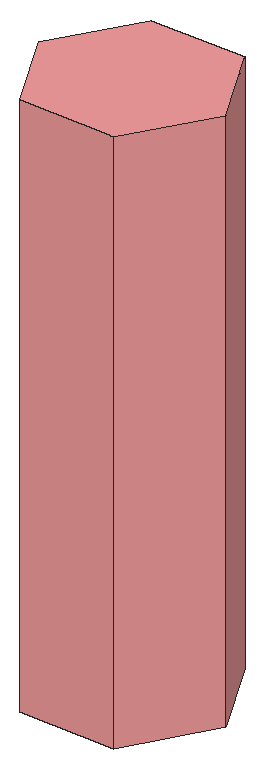
Revit family "$Player_Cat", category Generic Models, Revit 2020
Family settings
  Can host rebar = No
  Round Connector Dimension = Use Diameter
  Part Type = Normal
  Work Plane-Based = No
  Always vertical = Yes
  Cut with Voids When Loaded = No
  Shared = No
  Room Calculation Point = No
Parameters (values of type "SD")
  yes = 2 > 1  # yes
  show_standard [instance] = not(show_overweight)  # yes
  show_overweight [instance] = _property_is_overweight  # no
  no = not(yes)  # no
  mat. = team #2
  _property_team = "team #2"
  _property_positionID = 27
  _property_name = "Peter"
  _property_luck = 50
  _property_is_overweight = no
  _property_hold_status = ""
  _property_hold_amount = 0
  _asset_tools = ""
  _asset_skills = ""
  _asset_money = 4400
  _asset_direction = 1
  Default Elevation = 0 mm
Reference planes
  plane 1 "Center (Front/Back)": y = 0
  plane 2: z = 0
  plane 3 "Center (Left/Right)": x = 0
Forms (mm)
  Extrusion 1, solid, material "team #2" <- "mat.", visible <- "show_standard"
    sketch origin (0, 0, 0) x (1, 0, 0) y (0, 1, 0)
      loop
        line (300, 0) -> (150, 259.808) -> (-150, 259.808) -> (-300, 0) -> (-150, -259.808) -> (150, -259.808) -> (300, 0)
    from 0 to 1750
  Extrusion 2, solid, material "team #2" <- "mat.", visible <- "show_overweight"
    sketch origin (0, 0, 0) x (1, 0, 0) y (0, 1, 0)
      loop
        line (500, 0) -> (250, 433.013) -> (-250, 433.013) -> (-500, 0) -> (-250, -433.013) -> (250, -433.013) -> (500, 0)
    from 0 to 1300
Dimensions and locks
  aligned and locked: plane 2 to level
  aligned and locked: plane 1 "Center (Front/Back)" to nested 1
  aligned and locked: plane 3 "Center (Left/Right)" to nested 1
Nested families
  nested 1: "NAME_SYMBOL" at (0, 0, 0), _property_name <- "_property_name", _property_positionID <- "_property_positionID", type "NAME_SYMBOL"
    with _property_positionID 27, _property_name "Peter"
Definition of nested family "NAME_SYMBOL"
  Parameters (values of type "NAME_SYMBOL")
    _property_positionID [instance] = 0
    _property_name [instance] = ""
  Reference planes
    plane 1: y = 0
    plane 2: x = 0
  Lines and regions (mm)
    detail lines
      curve 1: line (-15, -5, 0) -> (15, -5, 0)
      curve 2: line (-15, 5, 0) -> (-15, -5, 0)
      curve 3: line (15, 5, 0) -> (-15, 5, 0)
      curve 4: line (15, -5, 0) -> (15, 5, 0)
  Text (mm)
    label "A\npositionID = _property_positionID" at (0.077, 0.299, 0), shows "_property_name", "_property_positionID"
